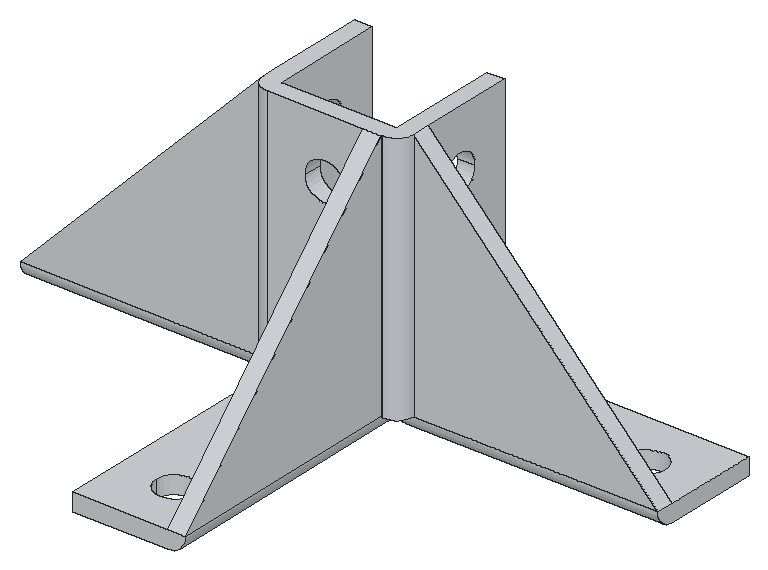
Revit family "Fitting-Wing_Shape-Unistrut-P2230", category Specialty Equipment, Revit 2012
Parameters (values of type "P2230")
  ecoScorecard_data = "http://products.ecoscorecard.com/atkore/P2230"
  ecoScorecard Product Page = "http://products.ecoscorecard.com/atkore/P2230?action=html"
  Weight Per Piece = 3.10 lbf
  Unit = none
  Unistrut Part Number = "P2230"  # constant formula
  URL = "http://unistrut.us/index.php"
  Thickness = 1/4"  # constant formula
  Subcategory = "Wing Shape Fittings"  # constant formula
  Product Page URL = "http://unistrut.us/index.php?WP=cat_detail&S=S05&P=P2230"
  Part Type = "Fitting"  # constant formula
  Overall Width = 9 5/32"  # constant formula
  Overall Length = 5 3/8"  # constant formula
  Overall Height = 3 7/8"  # constant formula
  Model = "P2230"
  Material = ""
  Manufacturer Phone - Toll Free = "800-882-5543"  # constant formula
  Manufacturer Phone = "708-339-1610"  # constant formula
  Manufacturer Fax = "708-339-7814"  # constant formula
  Manufacturer Email = "mailto:jshaw@atkore.com"
  Manufacturer Address = "16100 South Lathrop Avenue, Harvey, IL 60426"  # constant formula
  Manufacturer = "Unistrut by Atkore International"  # constant formula
  Load Capacity Note = "Visit the product page for load application and capacity."  # constant formula
  Literature URL = "http://unistrut.us/index.php?WP=LItLibrary"
  Hole Diameter = 9/16"
  Cost Info = "mailto:jshaw@atkore.com"
  CAD URL = "http://unistrut.us/index.php?WP=CAD3d"
  Assembly Code = "D5020100"
  95 CSI = "16070"  # constant formula
  04 CSI = "26 05 48"  # constant formula
Reference planes (in)
  plane 1 "Center (Front/Back)": y = 0
  plane 2: z = 0
  plane 3 "Center (Left/Right)": x = 0
  plane 4: z = 3.875
  plane 5: x = -4.578125
  plane 6: y = 2.6875
  plane 7: x = 4.578125
  plane 8: y = -2.6875
  plane 9: z = 0.25
  plane 10: y = 1.875
  plane 11: y = -1.875
  plane 12: x = 1.859375
  plane 13: x = -3.765625
  plane 14: x = -1.859375
  plane 15: z = 3
  plane 16: z = 1.125
Dimensions and locks (in)
  "Overall Height": plane 4 to plane 2
  equal spacing: plane 6, plane 1 "Center (Front/Back)", plane 8
  "Overall Length": plane 6 to plane 8
  equal spacing: plane 5, plane 3 "Center (Left/Right)", plane 7
  "Overall Width": plane 5 to plane 7
  "Thickness": plane 9 to plane 2
  aligned and locked: level to plane 2
  aligned and locked: plane 2 to nested 1
Nested families (in)
  nested 1: "2230" at (0, 0.9375, 3.875) x (1, 0, 0) z (0, 0, -1), type "2230"
Definition of nested family "2230"
  Parameters (values of type "P2226")
    Width = 9 5/32"
    Unit = none
    Thickness = 1/4"
    Height = 3 7/8"
    Radiuis = Diameter / 2  # 9/32"
    Length = 5 3/8"
    Diameter = 9/16"
    Default Elevation = 0"
    Bolt Length [instance] = 1 1/2"
  Reference planes (in)
    plane 1 "Center (Front/Back)": y = 0
    plane 2: z = 0
    plane 3 "Center (Left/Right)": x = 0
    plane 4: z = 3.875
    plane 5: y = 1.75
    plane 6: x = 4.578125
    plane 7: y = 0.125
    plane 8: x = 0.828125
    plane 9: x = -0.828125
    plane 10: z = 3.625
    plane 11: z = 0.875
    plane 12: y = 0.9375
    plane 13: y = 0.375
    plane 14: y = -3.625
    plane 15: x = 0.796875
    plane 16: x = 0.546875
    plane 17: x = -4.578125
  Forms (in)
    Extrusion 1, solid, material <- "Unit"
      sketch origin (0, 0, 0) x (1, 0, 0) y (0, 1, 0)
        loop
          line (0.828125, 1.75) -> (0.828125, 0.125) -> (-0.828125, 0.125) -> (-0.828125, 1.75) -> (-1.078125, 1.75) -> (-1.078125, 0.125)
          arc (-1.078125, 0.125) -> (-1.0049017, -0.0517767) -> (-0.828125, -0.125) r 0.25
          line (-0.828125, -0.125) -> (0.828125, -0.125)
          arc (0.828125, -0.125) -> (1.0049017, -0.0517767) -> (1.078125, 0.125) r 0.25
          line (1.078125, 0.125) -> (1.078125, 1.75) -> (0.828125, 1.75)
      from 0 to 3.625
    Extrusion 2, solid, material <- "Unit"
      sketch origin (0, 0, 0) x (1, 0, 0) y (0, 0, 1)
        loop
          line (4.578125, 3.875) -> (0.9898983, 3.875)
          arc (0.9898983, 3.875) -> (0.8755073, 3.8276177) -> (0.828125, 3.7132267) r 0.1617733
          line (0.828125, 3.7132267) -> (0.828125, 3.625) -> (4.578125, 3.625) -> (4.578125, 3.875)
      from -1.75 to -0.375
    Extrusion 3, solid, material <- "Unit"
      sketch origin (0, 0, 0) x (1, 0, 0) y (0, 0, 1)
        loop
          line (1.078125, 3.625) -> (1.078125, 0) -> (4.578125, 3.625) -> (1.078125, 3.625)
      from -0.375 to -0.125
    Extrusion 4, solid, material <- "Unit"
      sketch origin (4.578125, 0, 3.875) x (0, 0, -1) y (0, 1, 0)
        loop
          line (0.25, 0.125) -> (0.25, 0.375) -> (0, 0.375)
          arc (0, 0.375) -> (0.0732233, 0.1982233) -> (0.25, 0.125) r 0.25
      from -3.75 to 0
    Extrusion 5, void
      sketch origin (4.578125, 0.375, 3.875) x (0, 0, 1) y (-1, 0, 0)
        loop
          line (0, 3.5882267) -> (0, 3.75) -> (-0.1617733, 3.75)
          arc (-0.1617733, 3.75) -> (-0.0473823, 3.7026177) -> (0, 3.5882267) r 0.1617733
      from -1.375 to 0.25
    Extrusion 6, void
      sketch origin (0, 0, 0) x (1, 0, 0) y (0, 0, 1)
        loop
          circle (0, 0.875) r 0.28125
        loop
          circle (0, 2.75) r 0.28125
      from -0.125 to 0.125
    Extrusion 7, void
      sketch origin (0, 0, 0) x (1, 0, 0) y (0, 1, 0)
        loop
          circle (3.765625, 0.9375) r 0.28125
        loop
          circle (1.859375, 0.9375) r 0.28125
        loop
          circle (-3.765625, 0.9375) r 0.28125
        loop
          circle (-1.859375, 0.9375) r 0.28125
      from 3.625 to 3.875
    Extrusion 8, solid, material <- "Unit"
      sketch origin (-1.203125, 0.8648983, 0) x (0, -1, 0) y (0, 0, 1)
        loop
          line (4.4898983, 3.875) -> (0.9016717, 3.875)
          arc (0.9016717, 3.875) -> (0.7872806, 3.8276177) -> (0.7398983, 3.7132267) r 0.1617733
          line (0.7398983, 3.7132267) -> (0.7398983, 3.625) -> (4.4898983, 3.625) -> (4.4898983, 3.875)
      from -1.75 to -0.375
    Extrusion 9, solid, material <- "Unit"
      sketch origin (0.421875, 0.921875, 0) x (0, -1, 0) y (0, 0, 1)
        loop
          line (1.046875, 3.625) -> (1.046875, 0) -> (4.546875, 3.625) -> (1.046875, 3.625)
      from -0.375 to -0.125
    Extrusion 10, solid, material <- "Unit"
      sketch origin (-1.203125, -3.625, 3.875) x (0, 0, -1) y (1, 0, 0)
        loop
          arc (0.25, 2) -> (0.0732233, 1.9267767) -> (0, 1.75) r 0.25
          line (0, 1.75) -> (0.25, 1.75) -> (0.25, 2)
      from -3.75 to 0
    Extrusion 11, void
      sketch origin (0.546875, -3.625, 3.625) x (0, 0, -1) y (0, 1, 0)
        loop
          line (-0.0882267, 3.75) -> (-0.25, 3.75) -> (-0.25, 3.5882267)
          arc (-0.25, 3.5882267) -> (-0.2026177, 3.7026177) -> (-0.0882267, 3.75) r 0.1617733
      from -1.375 to 0.25
    Extrusion 12, void
      sketch origin (0, 0, 0) x (1, 0, 0) y (0, 1, 0)
        loop
          circle (0, -2.8125) r 0.28125
        loop
          circle (0, -0.9375) r 0.28125
      from 3.625 to 3.875
    Extrusion 13, void
      sketch origin (0, 0, 0) x (0, 1, 0) y (0, 0, 1)
        loop
          circle (0.9375, 0.875) r 0.28125
        loop
          circle (0.9375, 2.75) r 0.28125
      from -1.078125 to 1.078125
    Extrusion 14, solid, material <- "Unit"
      sketch origin (0, 0, 0) x (-1, 0, 0) y (0, 0, -1)
        loop
          line (4.578125, -3.875) -> (4.578125, -3.625) -> (0.828125, -3.625) -> (0.828125, -3.7132267)
          arc (0.828125, -3.7132267) -> (0.8755073, -3.8276177) -> (0.9898983, -3.875) r 0.1617733
          line (0.9898983, -3.875) -> (4.578125, -3.875)
      from -1.75 to -0.375
    Extrusion 15, solid, material <- "Unit"
      sketch origin (-4.578125, 0, 3.875) x (0, 0, -1) y (0, -1, 0)
        loop
          arc (0.25, -0.125) -> (0.0732233, -0.1982233) -> (0, -0.375) r 0.25
          line (0, -0.375) -> (0.25, -0.375) -> (0.25, -0.125)
      from -3.75 to 0
    Extrusion 16, void
      sketch origin (-4.578125, 0.375, 3.875) x (0, 0, 1) y (-1, 0, 0)
        loop
          arc (0, -3.5882267) -> (-0.0473823, -3.7026177) -> (-0.1617733, -3.75) r 0.1617733
          line (-0.1617733, -3.75) -> (0, -3.75) -> (0, -3.5882267)
      from -1.375 to 0.25
    Extrusion 17, solid, material <- "Unit"
      sketch origin (0, 0, 0) x (-1, 0, 0) y (0, 0, -1)
        loop
          line (1.078125, -3.625) -> (4.578125, -3.625) -> (1.078125, 0) -> (1.078125, -3.625)
      from -0.375 to -0.125
  Cuts and joins
    Extrusion 6, Extrusion 7, Extrusion 12, Extrusion 13, Extrusion 16 cuts Extrusion 1
    Extrusion 6, Extrusion 7, Extrusion 12, Extrusion 13, Extrusion 16 cuts Extrusion 2
    Extrusion 6, Extrusion 7, Extrusion 12, Extrusion 13, Extrusion 16 cuts Extrusion 3
    Extrusion 5, Extrusion 6, Extrusion 7, Extrusion 12, Extrusion 13, Extrusion 16 cuts Extrusion 4
    Extrusion 12, Extrusion 13, Extrusion 16 cuts Extrusion 8
    Extrusion 12, Extrusion 13, Extrusion 16 cuts Extrusion 9
    Extrusion 11, Extrusion 12, Extrusion 13, Extrusion 16 cuts Extrusion 10
    Extrusion 7 cuts Extrusion 14
    Extrusion 16 cuts Extrusion 15
    joined: Extrusion 1, Extrusion 2, Extrusion 3, Extrusion 4, Extrusion 8, Extrusion 9, Extrusion 10, Extrusion 14, Extrusion 15, Extrusion 17
  Dimensions and locks (in)
    "Height": plane 4 to plane 2
    equal spacing: plane 9, plane 3 "Center (Left/Right)", plane 8
    plane 9 to plane 8 = 1 21/32"
    "Thickness": plane 4 to plane 10
    locked: plane 13 to plane 7 at 0.25
    locked: plane 7 to plane 14 at 3.75
    locked: plane 9 to plane 15 at 1.625
    locked: plane 16 to plane 15 at 0.25
    "Length": plane 5 to plane 14
    "Width": plane 17 to plane 6
    equal spacing: plane 17, plane 3 "Center (Left/Right)", plane 6
    locked: Extrusion 1 sketch curve to plane 9 at 0.25
    "Radiuis": radius of Extrusion 6 sketch curve  (x2)
    "Radiuis": radius of Extrusion 7 sketch curve  (x4)
    "Radiuis": radius of Extrusion 12 sketch curve  (x2)
    "Radiuis": radius of Extrusion 13 sketch curve  (x2)
    aligned and locked: level to plane 2
    aligned and locked: Extrusion 1 sketch curve to plane 8
    aligned and locked: Extrusion 1 sketch curve to plane 7
    aligned and locked: Extrusion 1 sketch curve to plane 5
    aligned and locked: plane 10 to Extrusion 1
    aligned and locked: Extrusion 1 to plane 2
    aligned and locked: plane 6 to Extrusion 2 sketch curve
    aligned and locked: Extrusion 2 sketch curve to plane 4
    aligned and locked: Extrusion 2 sketch curve to plane 10
    aligned and locked: Extrusion 2 sketch curve to plane 8
    aligned and locked: plane 5 to Extrusion 2
    aligned and locked: Extrusion 3 sketch curve to plane 10
    aligned and locked: Extrusion 3 sketch curve to Extrusion 1
    aligned and locked: Extrusion 3 to plane 13
    aligned and locked: Extrusion 3 to plane 7
    aligned and locked: Extrusion 4 sketch curve to Extrusion 3
    aligned and locked: Extrusion 5 to Extrusion 1
    aligned and locked: Extrusion 1 to Extrusion 5
    aligned and locked: plane 3 "Center (Left/Right)" to Extrusion 6 sketch curve  (x2)
    aligned and locked: Extrusion 1 to Extrusion 6  (x2)
    aligned and locked: plane 12 to Extrusion 7 sketch curve  (x4)
    aligned and locked: Extrusion 8 to plane 9
    aligned and locked: Extrusion 8 to plane 14
    aligned and locked: plane 7 to Extrusion 8 sketch curve
    aligned and locked: Extrusion 8 sketch curve to plane 4
    aligned and locked: plane 14 to Extrusion 8 sketch curve
    aligned and locked: Extrusion 8 sketch curve to plane 10
    aligned and locked: Extrusion 9 sketch curve to plane 10
    aligned and locked: plane 15 to Extrusion 9
    aligned and locked: Extrusion 9 to plane 16
    aligned and locked: plane 16 to Extrusion 8
    aligned and locked: Extrusion 10 sketch curve to Extrusion 9
    aligned and locked: Extrusion 10 sketch curve to Extrusion 8
    aligned and locked: Extrusion 10 to Extrusion 8
    aligned and locked: Extrusion 10 to Extrusion 11 sketch curve
    aligned and locked: Extrusion 11 sketch curve to Extrusion 8
    aligned and locked: Extrusion 11 sketch curve to Extrusion 10
    aligned and locked: Extrusion 9 to Extrusion 11
    aligned and locked: plane 3 "Center (Left/Right)" to Extrusion 12 sketch curve  (x2)
    aligned and locked: Extrusion 12 to Extrusion 1
    aligned and locked: Extrusion 2 to Extrusion 12
    aligned and locked: plane 12 to Extrusion 13 sketch curve  (x2)
    aligned and locked: Extrusion 1 to Extrusion 13  (x2)
    aligned and locked: cut or joined group 1 (Extrusion 1, Extrusion 2, Extrusion 3, Extrusion 4, Extrusion 5, Extrusion 6, Extrusion 7, Extrusion 8, Extrusion 9, Extrusion 10, Extrusion 11, Extrusion 12, Extrusion 13, Extrusion 14, Extrusion 15, Extrusion 16, Extrusion 17) to cut or joined group 1
    aligned and locked: Extrusion 14 to plane 17
    aligned and locked: plane 5 to Extrusion 14
    aligned and locked: plane 9 to Extrusion 15
    aligned and locked: Extrusion 15 to plane 17
    aligned and locked: Extrusion 16 to Extrusion 1
    aligned and locked: Extrusion 1 to Extrusion 16
    aligned and locked: Extrusion 17 to plane 7
    aligned and locked: Extrusion 17 to plane 13
    aligned and locked: Extrusion 1 sketch curve to plane 9
    aligned and locked: Extrusion 14 to plane 13
    aligned and locked: Extrusion 7 to Extrusion 1
    aligned and locked: Extrusion 7 to Extrusion 2
  Automatic sketch dimensions
    plane 8 to Extrusion 2 sketch curve = 0.16177"
    Extrusion 6 sketch curve to plane 11 = 0"
    Extrusion 6 sketch curve to plane 10 = 7/8"
    plane 1 "Center (Front/Back)" to Extrusion 8 sketch curve = 0.03677"
    Extrusion 9 sketch curve to level = 0"
    Extrusion 9 sketch curve to plane 14 = 0"
    plane 1 "Center (Front/Back)" to Extrusion 9 sketch curve = 1/8"
    Extrusion 10 sketch curve to Extrusion 8 = 0"
    Extrusion 11 sketch curve to Extrusion 11 sketch curve = 0"  (x2)
    plane 14 to Extrusion 12 sketch curve = 13/16"
    plane 1 "Center (Front/Back)" to Extrusion 12 sketch curve = 15/16"
    Extrusion 13 sketch curve to plane 11 = 0"
    Extrusion 13 sketch curve to plane 10 = 7/8"
    Extrusion 14 sketch curve to plane 9 = 0"
    Extrusion 14 sketch curve to plane 4 = 0"
    Extrusion 14 sketch curve to plane 10 = 0"
    Extrusion 14 sketch curve to plane 17 = 0"
    plane 9 to Extrusion 14 sketch curve = 0.16177"
    Extrusion 15 sketch curve to plane 4 = 0"
    Extrusion 15 sketch curve to plane 7 = 0"
    Extrusion 15 sketch curve to plane 10 = 0"
    Extrusion 17 sketch curve to level = 0"
    Extrusion 17 sketch curve to plane 10 = 0"
    Extrusion 17 sketch curve to plane 17 = 0"
    plane 9 to Extrusion 17 sketch curve = 1/4"
    Extrusion 1 sketch curve to plane 7 = 0"  (x2)
    Extrusion 1 sketch curve to plane 5 = 0"
    Extrusion 1 sketch curve to plane 8 = 0"
    plane 6 to Extrusion 3 sketch curve = 0"
    Extrusion 3 sketch curve to level = 0"
    Extrusion 4 sketch curve to Extrusion 2 = 0"  (x2)
    Extrusion 4 to Extrusion 5 sketch curve = 0"  (x2)
    Extrusion 5 sketch curve to Extrusion 4 = 0"  (x2)
    Extrusion 5 sketch curve to Extrusion 4 = 0.08823"
    Extrusion 5 sketch curve to Extrusion 5 sketch curve = 0"  (x2)
    Extrusion 16 sketch curve to Extrusion 4 = 0"  (x2)
    Extrusion 16 sketch curve to Extrusion 4 = 0.08823"
    Extrusion 16 sketch curve to Extrusion 16 sketch curve = 0"  (x3)
    Extrusion 4 to Extrusion 16 sketch curve = 1 21/32"
    Extrusion 1 sketch curve to plane 9 = 0"
    plane 17 to Extrusion 7 sketch curve = 13/16"
    Extrusion 7 sketch curve to plane 9 = 1 1/32"
    plane 8 to Extrusion 7 sketch curve = 1 1/32"
    plane 6 to Extrusion 7 sketch curve = 13/16"
